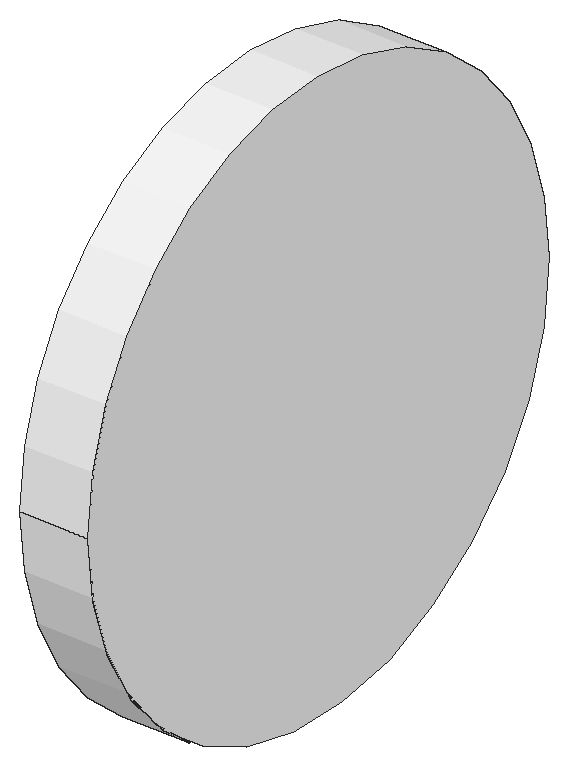
Revit family "REGISTRO MINI DE DOS SALIDAS", category Pipe Accessories, Revit 2020
Family settings
  Round Connector Dimension = Use Diameter
  Part Type = Normal
  Work Plane-Based = No
  Always vertical = Yes
  Cut with Voids When Loaded = No
  Shared = No
Parameters (values of type "REGISTRO MINI 2 SALIDAS")
  URL = "https://pcpplasticos.co/tienda/acople-lavaplatos-lavamanos-con-registro/"
  SKU = "2013"
  Model = SKU  # "2013"
  Manufacturer = "PCP PLASTICOS"
  Imagen = "https://pcpplasticos.co/wp-content/uploads/2018/01/J.Final-Color-Output-2-e1531850201842.png"
  Email = "servicioalcliente@PCPplasticos.com"
  Description = "REGISTRO MINI DE DOS SALIDAS"
  Default Elevation = 0 mm
Reference planes
  plane 1 "Center (Front/Back)": y = 0
  plane 2: z = 0
  plane 3 "Center (Left/Right)": x = 0
  plane 4 "SUP": y = 0
Forms (mm)
  Extrusion 1, solid, material "255_255_255"
    sketch origin (0, 0, 0) x (0, 1, 0) y (0, 0, 1)
      loop
        circle (0, 0) r 10.62
    from 27.85 to 30.35
Dimensions and locks
  aligned and locked: level to plane 2
Connectors
  piping at (-0.65, 0, 31.5), diameter 12.7
    settings: on import instance, index 1, connector inside diameter 609.6 mm, connector length 0 mm, flow factor 0, pipe flow 0.0 L/s, pressure drop 0.0 Pa, fitting loss kfactor 0, connector angle 0.00°, fixture units 0, engagement length 0 mm, angle of deflection 0.00°, flow configuration 0, flow direction 0, fitting loss method 0, system type 7, joint type 0, gender type 0, connector reference index -1, connector utility 0, adjustable connector no, is connector primary yes, connector description ""
  piping at (-0.65, -31.5, 0), diameter 12.7
    settings: on import instance, index 2, connector inside diameter 609.6 mm, connector length 0 mm, flow factor 0, pipe flow 0.0 L/s, pressure drop 0.0 Pa, fitting loss kfactor 0, connector angle 0.00°, fixture units 0, engagement length 0 mm, angle of deflection 0.00°, flow configuration 0, flow direction 0, fitting loss method 0, system type 7, joint type 0, gender type 0, connector reference index -1, connector utility 0, adjustable connector no, is connector primary no, connector description ""
  piping at (-30.65, 0, 0), diameter 19.1
    settings: on import instance, index 3, connector inside diameter 609.6 mm, connector length 0 mm, flow factor 0, pipe flow 0.0 L/s, pressure drop 0.0 Pa, fitting loss kfactor 0, connector angle 0.00°, fixture units 0, engagement length 0 mm, angle of deflection 0.00°, flow configuration 0, flow direction 0, fitting loss method 0, system type 7, joint type 0, gender type 0, connector reference index -1, connector utility 0, adjustable connector no, is connector primary no, connector description ""
